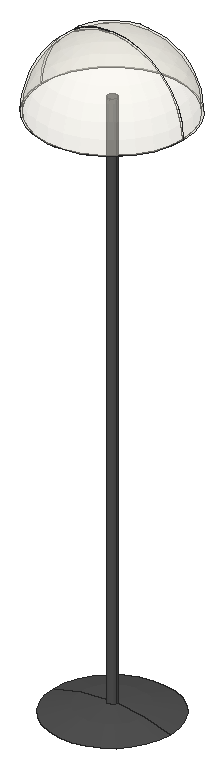
Revit family "M_Abajur de pé - Hemisférico", category Luminárias, Revit 2019
Family settings
  Cota do conector redondo = Utilizar diâmetro
  Tipo de parte = Normal
  Número OmniClass = 23.80.70.11.11
  Título OmniClass = General Luminaries, Non Directional
  ID de item do Seek = Floor Lamp - Hemispheric-0000-CAN-ENU
  Com base no plano de trabalho = Não
  Sempre na vertical = Sim
  Corte com vazios quando carregada = Não
  Fonte luminosa = Sim
  Compartilhado = Não
  Ponto de cálculo do ambiente = Não
Parameters (values of type "100W - 120V")
  Wattage = 100 W
  built-in parameter 1150110 = 1 (stored number, unit not read)
  built-in parameter 1114217 = 1 (stored number, unit not read)
  built-in parameter 1150109 = 1 (stored number, unit not read)
  built-in parameter 1150134 = 4
  built-in parameter 1150113 = 1 (stored number, unit not read)
  Tilt Angle = 90.00°
  Arquivo de rede fotométrica = "FLH1A19.IES"
  built-in parameter 1150115 = 1 (stored number, unit not read)
  built-in parameter 1150105 = 139.26 (stored number, unit not read)
  Classificação de carga = Iluminação - Unidade de interrupção
  built-in parameter 1150137 = 1
  built-in parameter 1150139 = (empty or 0)
  built-in parameter 1150112 = 1 (stored number, unit not read)
  built-in parameter 1150114 = 1 (stored number, unit not read)
  built-in parameter 1150132 = (empty or 0)
  built-in parameter 1150102 = (empty or 0)
  built-in parameter 1150138 = (empty or 0)
  built-in parameter 1150107 = 2800 (stored number, unit not read)
  built-in parameter 1150106 = 1.3926 (stored number, unit not read)
  built-in parameter 1150104 = 1.6258 (stored number, unit not read)
  Dimming Lamp Color Temperature Shift = (empty or 0)
  Color Filter = 16777215
  Voltagem = 120 V
  Número de pólos = 1
  built-in parameter 1114218 = 1 (stored number, unit not read)
  built-in parameter 1150133 = 10 (stored number, unit not read)
  Código de montagem = "D5020220"
  Lâmpada = "A-19"
  Lumens = 1750 lm
  Material de sombra = Plástico, Sombra da lâmpada
  Material do suporte = Aço, Cromo polido
  Comentários de voltagem = "100"
  Carga aparente = 100 VA
Types (5, lengths in mm): name | Wattage | Arquivo de rede fotométrica | built-in parameter 1150105 | built-in parameter 1150106 | built-in parameter 1150104 | Voltagem | Lumens | Comentários de voltagem | Carga aparente
  (no name) | 100 W | "FLH1A19.IES" | 139.26 (stored number, unit not read) | 1.3926 (stored number, unit not read) | 1.6258 (stored number, unit not read) | 120 V | 1750 lm | "100" | 100 VA
  60W - 120V | 60 W | "CLFR1A19.ies" | 68.039 (stored number, unit not read) | 0.68039 (stored number, unit not read) | 1.3239 (stored number, unit not read) | 120 V | 855 lm | "60" | 60 VA
  60W - 277V | 60 W | "CLFR1A19.ies" | 68.039 (stored number, unit not read) | 0.68039 (stored number, unit not read) | 1.3239 (stored number, unit not read) | 277 V | 855 lm | "60" | 60 VA
  100W - 120V | 100 W | "FLH1A19.IES" | 139.26 (stored number, unit not read) | 1.3926 (stored number, unit not read) | 1.6258 (stored number, unit not read) | 120 V | 1750 lm | "100" | 100 VA
  100W - 277V | 100 W | "FLH1A19.IES" | 139.26 (stored number, unit not read) | 1.3926 (stored number, unit not read) | 1.6258 (stored number, unit not read) | 277 V | 1750 lm | "100" | 100 VA
Reference planes
  plane 1 "Eixo de origem da luz": y = 0
  plane 2: z = 0
  plane 3 "Eixo de origem da luz": x = 0
  plane 4 "Elevação da origem da luz": z = 1651
Forms (mm)
  Extrusion 1, solid, material "Aço, Cromo polido" <- "Material do suporte"
    sketch origin (0, 0, 0) x (1, 0, 0) y (0, 1, 0)
      loop
        circle (0, 0) r 12.7
    from 25.4 to 1549.4
  Revolve 2, solid, material "Aço, Cromo polido" <- "Material do suporte"
    sketch origin (0, 0, 0) x (1, 0, 0) y (0, 0, 1)
      loop
        line (12.7, 25.4) -> (12.7, 0) -> (165.1, 0)
        arc (165.1, 0) -> (89.708, 17.546) -> (12.7, 25.4) r 609.787
      axis (0, 25.4) -> (0, 0)
    angle from 0 to 360
  Revolve 3, solid, material "Plástico, Sombra da lâmpada" <- "Material de sombra"
    sketch origin (0, 0, 113.413) x (1, 0, 0) y (0, 0, 1)
      loop
        arc (202.331, 1397) -> (143.077, 1540.294) -> (0, 1600.07) r 203.2
        line (0, 1600.07) -> (0, 1593.994)
        arc (0, 1593.994) -> (139.725, 1536.55) -> (197.592, 1397) r 196.85
        line (197.592, 1397) -> (202.331, 1397)
      axis (0, 1600.07) -> (0, 1397)
    angle from 0 to 360
Lines and regions (mm)
  Masking region 1
    outline origin (0, 0, 0) x (1, 0, 0) y (0, 1, 0)
      loop
        circle (0, 0) r 203.2
  symbolic lines
    curve 1: arc (203.2, 0, 0) -> (0, 203.2, 0) -> (-203.2, 0, 0) r 203.2
    curve 2: arc (-203.2, 0, 0) -> (0, -203.2, 0) -> (203.2, 0, 0) r 203.2
    curve 3: arc (12.7, 0, 0) -> (0, 12.7, 0) -> (-12.7, 0, 0) r 12.7
    curve 4: arc (-12.7, 0, 0) -> (0, -12.7, 0) -> (12.7, 0, 0) r 12.7
    curve 5: arc (165.1, 0, 0) -> (0, 165.1, 0) -> (-165.1, 0, 0) r 165.1
    curve 6: arc (-165.1, 0, 0) -> (0, -165.1, 0) -> (165.1, 0, 0) r 165.1
Dimensions and locks
  aligned and locked: Masking region 1 sketch curve to curve 1
  aligned and locked: plane 3 "Eixo de origem da luz" to imposter light
  aligned and locked: plane 1 "Eixo de origem da luz" to imposter light
  aligned and locked: plane 4 "Elevação da origem da luz" to imposter light
